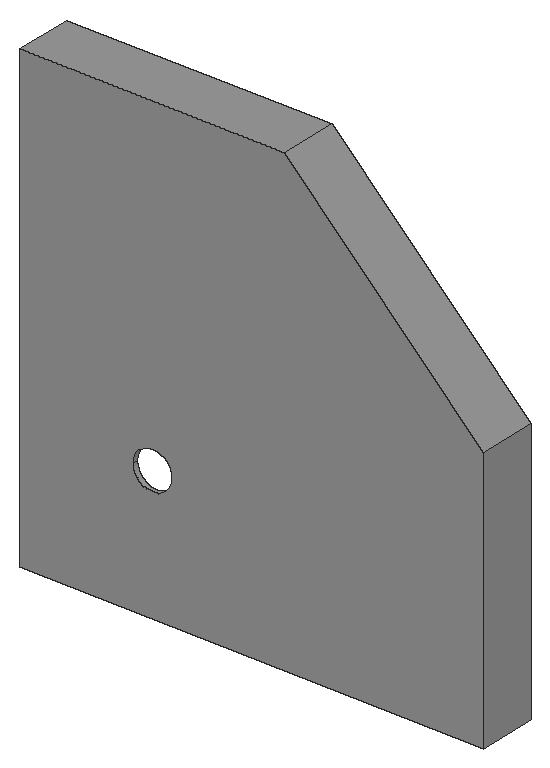
Revit family "Shower_Corner_Receptors-Willoughby-AS-S42NEO", category Plumbing Fixtures, Revit 2015
Parameters (values of type "AS-S42NEO")
  Waste Dia Drain Opening = 3 1/2"
  Waste Connection = yes
  Vent Connection = no
  URL = "https://www.willoughby-ind.com/wp-content/uploads/2018/01/AS-S36NEO.pdf"
  Size = "42x42"
  SideB = 2' - 0"
  SideA = 3' - 6"
  Revision = "A"
  Model = "AS-S42NEO"
  Manufacturer = "Willoughby Industries"
  InsideC = 3' - 0 3/4"
  HW Connection = no
  Fixture Body = Solid Surface Acrylic Resin-Willoughby
  Description = "42\" X 42\" Angular Shower Base"
  Default Elevation = 0' - 0"
  Contact = "(800) 428-4065"
  CW Connection = no
  Assembly Code = ""
  42" X 42" Neo Angle = yes
  36" X 36" Neo Angle = no
Reference planes (in)
  plane 1 "Center (Front/Back)": y = 0
  plane 2: z = 0
  plane 3 "Center (Left/Right)": x = 0
  plane 4: y = 5.25
  plane 5 "Drain CenterLine": x = 12
  plane 6 "Drain CntrLn": z = 12
  plane 7: x = 24
  plane 8: z = 24
Forms (in)
  Extrusion 1, solid, material "Solid Surface Acrylic Resin-Willoughby" <- "Fixture Body"
    sketch origin (0, 0, 0) x (1, 0, 0) y (0, 0, 1)
      loop
        line (42, 24) -> (24, 42) -> (0, 42) -> (0, 0) -> (42, 0) -> (42, 24)
    from 0 to -5.25
  Extrusion 2, void, detail levels fine
    sketch origin (0, 0, 0) x (1, 0, 0) y (0, 0, 1)
      loop
        circle (12, 12) r 1.75
    from 0 to -4.25
  Extrusion 3, void, detail levels fine
    sketch origin (0, 0, 0) x (1, 0, 0) y (0, 0, 1)
      loop
        circle (12, 12) r 2.25
    from -0.875 to -0.4183
  Extrusion 4, void
    sketch origin (0, 4.25, 0) x (1, 0, 0) y (0, 0, 1)
      loop
        line (2.75, 2.75) -> (39.5, 2.75) -> (39.5, 22.96447) -> (22.96447, 39.5) -> (2.75, 39.5) -> (2.75, 2.75)
    from -1 to 3.375
Cuts and joins
  Extrusion 2, Extrusion 3, Extrusion 4 cuts Extrusion 1
Lines and regions (in)
  model lines, visible <- "42" X 42" Neo Angle", detail levels coarse+medium
    curve 1: line (0, 0, 0) -> (42, 0, 0)
    curve 2: line (24, 0, 42) -> (0, 0, 42)
    curve 6: line (0, 0, 0) -> (0, 5.25, 0)
    curve 8: line (0, 0, 42) -> (0, 0, 0)
  model lines, detail levels coarse+medium
    curve 3: line (0, 0, 42) -> (0, 0, 0)
    curve 7: line (0, 5.25, 0) -> (0, 5.25, 0.25)
  model lines, detail levels medium
    curve 4: circle (12, 0, 12) r 1.75 normal (0, -1, 0)
    curve 5: circle (12, 0, 12) r 2.25 normal (0, -1, 0)
  model lines, visible <- "36" X 36" Neo Angle", detail levels coarse+medium
    curve 9: line (0, 4.25, 42) -> (0, 0, 42)
  symbolic lines
    curve 10: line (0, 5.25, 0) -> (0, 0, 0)
    curve 11: line (0, 0, 0) -> (36, 0, 0)
    curve 12: line (36, 0, 0) -> (36, 5.25, 0)
    curve 13: line (36, 5.25, 0) -> (0, 5.25, 0)
    curve 15: line (0.25, 4.25, 0) -> (36, 4.25, 0)
    curve 16: line (18, 0, 0) -> (18, 4.25, 0)
    curve 19: line (0, 5.25, 0) -> (0, 0, 0)
    curve 20: line (0, 0, 0) -> (0, 0, 42)
    curve 21: line (0, 0, 42) -> (0, 5.25, 42)
    curve 22: line (0, 5.25, 42) -> (0, 5.25, 0)
    curve 26: line (0, 0, 0) -> (0, 0, 42)
    curve 27: line (0, 0, 42) -> (24, 0, 42)
    curve 28: line (24, 0, 42) -> (42, 0, 24)
    curve 29: line (42, 0, 24) -> (42, 0, 0)
    curve 30: line (42, 0, 0) -> (0, 0, 0)
  symbolic lines, detail levels medium+fine
    curve 14: line (0.25, 5.25, 0) -> (0.25, 4.25, 0)
    curve 23: line (0, 5.25, 0.25) -> (0, 4.25, 0.25)
    curve 24: line (0, 4.25, 0.25) -> (0, 4.25, 42)
    curve 25: line (0, 0, 30) -> (0, 4.25, 30)
    curve 31: line (2.75, 0, 2.75) -> (2.75, 0, 39.5)
    curve 32: line (2.75, 0, 39.5) -> (22.96447, 0, 39.5)
    curve 33: line (22.96447, 0, 39.5) -> (39.5, 0, 22.96447)
    curve 34: line (39.5, 0, 22.96447) -> (39.5, 0, 2.75)
    curve 35: line (39.5, 0, 2.75) -> (2.75, 0, 2.75)
  symbolic lines, detail levels fine
    curve 17: circle (12, 0, 12) r 1.75 normal (0, -1, 0)
    curve 18: circle (12, 0, 12) r 2.25 normal (0, -1, 0)
Dimensions and locks (in)
  "SideB": Extrusion 1 sketch curve to plane 3 "Center (Left/Right)"
  "SideA": level to Extrusion 1 sketch curve
  "SideB": level to Extrusion 1 sketch curve
  "SideA": Extrusion 1 sketch curve to plane 3 "Center (Left/Right)"
  "SideA": cut or joined group of Extrusion 1, Extrusion 2, Extrusion 3, Extrusion 4 to curve 2
  "InsideC": Extrusion 4 sketch curve to Extrusion 4 sketch curve  (x2)
  locked: Extrusion 4 sketch curve to cut or joined group of Extrusion 1, Extrusion 2, Extrusion 3, Extrusion 4 at 2.5
  locked: cut or joined group of Extrusion 1, Extrusion 2, Extrusion 3, Extrusion 4 to Extrusion 4 sketch curve at 2.5  (x2)
  "SideA": curve 6 to curve 9
  "SideB": level to plane 8
  "SideB": plane 7 to plane 3 "Center (Left/Right)"
  aligned and locked: plane 3 "Center (Left/Right)" to Extrusion 1 sketch curve
  aligned and locked: level to Extrusion 1 sketch curve
  aligned and locked: plane 4 to Extrusion 1
  aligned and locked: plane 6 "Drain CntrLn" to Extrusion 2 sketch curve
  aligned and locked: plane 5 "Drain CenterLine" to Extrusion 2 sketch curve
  aligned and locked: plane 5 "Drain CenterLine" to Extrusion 3 sketch curve
  aligned and locked: plane 6 "Drain CntrLn" to Extrusion 3 sketch curve
  aligned: cut or joined group of Extrusion 1, Extrusion 2, Extrusion 3, Extrusion 4 to cut or joined group of Extrusion 1, Extrusion 2, Extrusion 3, Extrusion 4
  aligned and locked: plane 7 to curve 27
  aligned and locked: Extrusion 1 to Extrusion 4
Automatic sketch dimensions
  curve 10 to plane 3 "Center (Left/Right)" = 0' - 0"
  curve 14 to plane 4 = 0' - 0"
  plane 1 "Center (Front/Back)" to curve 16 = 0' - 0"
  plane 3 "Center (Left/Right)" to curve 15 = 0' - 0 1/4"
  plane 5 "Drain CenterLine" to curve 13 = 2' - 0"
  curve 15 to plane 4 = 0' - 1"
  plane 5 "Drain CenterLine" to curve 16 = 0' - 6"
  curve 6 to level = 0' - 0"
  curve 25 to plane 1 "Center (Front/Back)" = 0' - 0"
  curve 21 to plane 4 = 0' - 0"
  level to curve 23 = 0' - 0 1/4"
  curve 25 to curve 8 = 1' - 0"
  curve 9 to plane 4 = 0' - 1"
  curve 4 to curve 5 = 0' - 0"  (x2)
  curve 4 to curve 17 = 0' - 0"  (x2)
  curve 4 to curve 18 = 0' - 0"  (x2)
  curve 1 to level = 0' - 0"
  curve 1 to plane 3 "Center (Left/Right)" = 0' - 0"
  curve 18 to plane 5 "Drain CenterLine" = 0' - 0"
  curve 17 to plane 6 "Drain CntrLn" = 0' - 0"
  plane 3 "Center (Left/Right)" to curve 31 = 0' - 2 3/4"
  curve 32 to plane 7 = 0' - 1.03553"
  level to curve 35 = 0' - 2 3/4"
  plane 7 to curve 35 = 1' - 3 1/2"
  curve 34 to curve 30 = 0' - 2 1/2"
  curve 34 to plane 8 = 0' - 1.03553"
  curve 33 to curve 2 = 0' - 2 1/2"
  curve 29 to plane 8 = 0' - 0"
  radius of Extrusion 2 sketch curve = 0' - 1 3/4"
  radius of Extrusion 3 sketch curve = 0' - 2 1/4"
  radius of curve 4 = 0' - 1 3/4"
  radius of curve 5 = 0' - 2 1/4"
  radius of curve 17 = 0' - 1 3/4"
  radius of curve 18 = 0' - 2 1/4"
Connectors (in)
  piping at (12, 0, 12), diameter 3.5, driven by "Waste Dia Drain Opening", driven by "Waste Connection"
    settings: on cut or joined group of Extrusion 1, Extrusion 2, Extrusion 3, Extrusion 4, index 1, connector inside diameter 24", connector length 0' - 0", flow factor 0, pipe flow 0 GPM, pressure drop 0.00 psi, fitting loss kfactor 0, connector angle 0.00°, fixture units 0, engagement length 0' - 0", angle of deflection 0.00°, flow configuration 0, flow direction 2, fitting loss method 0, system type 16, joint type 0, gender type 0, connector reference index -1, connector utility 1, adjustable connector no, is connector primary yes, connector description "Drain Opening"
